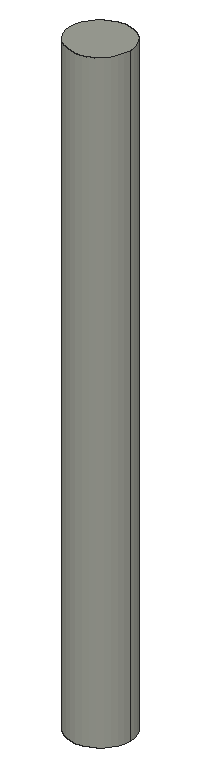
Revit family "Fundacao_Estaca", category Structural Foundations, Revit 2025
Family settings
  Material for Model Behavior = Steel
  Cap = No
  Work Plane-Based = No
  Always vertical = Yes
  Cut with Voids When Loaded = No
  Shared = Yes
  Show family pre-cut in plan views = Yes
Parameters (values of type "Estaca_60")
  Structural Material [instance] = CT_Concreto
  Radius = Diameter / 2  # 300 mm
  Minimum Embedment = 152 mm
  Diameter = 600 mm
  Depth = 6000 mm
  Assembly Code = "A1020130"
Reference planes
  plane 1 "Center (Front/Back)": y = 0
  plane 2: z = 0
  plane 3 "Center (Left/Right)": x = 0
  plane 4: z = -6000
  plane 5: z = 152
Forms (mm)
  Extrusion 1, solid, material "CT_Concreto" <- "Structural Material"
    sketch origin (0, 0, 0) x (1, 0, 0) y (0, 1, 0)
      loop
        circle (0, 0) r 300
    from -6000 to 152
Dimensions and locks
  "Depth": plane 2 to plane 4
  "Minimum Embedment": plane 5 to plane 2
  "Radius": radius of Extrusion 1 sketch curve
  aligned and locked: Extrusion 1 to plane 4
  aligned and locked: Extrusion 1 to plane 5
Automatic sketch dimensions
  plane 1 "Center (Front/Back)" to Extrusion 1 sketch curve = 0 mm
  Extrusion 1 sketch curve to plane 3 "Center (Left/Right)" = 0 mm
